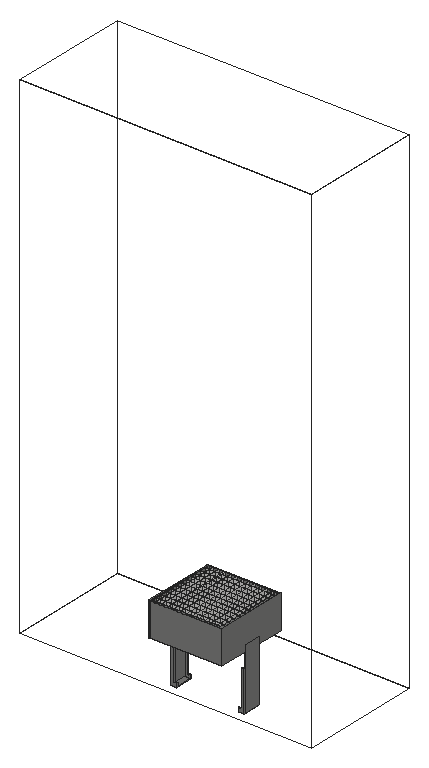
Revit family "Heater-Berko-Thermazone_Series", category Mechanical Equipment, host Face, Revit 2020 (continued)
Types in the file's own list only (75): name | Watts | Voltage | Total Heating Capacity | Phase | Model | Length | C_ Thermazone Series 4' | C_ Thermazone Series 2' | Description | Amps
  BR-STS-U48-3642V | 3642 W | 208 V | 12427.0 Btu/h | 1 | "BR-STS-U48-3642V" | 4' - 0" | Yes | Yes | "Infrared Heaters for Industrial/Commercial/Residential" | 18 A
  BR-STS-U48-4856V | 4856 W | 240 V | 16569.0 Btu/h | 1 | "BR-STS-U48-4856V" | 4' - 0" | Yes | Yes | "Infrared Heaters for Industrial/Commercial/Residential" | 20 A
  BR-STS-U48-4776N | 4776 W | 277 V | 16296.0 Btu/h | 1 | "BR-STS-U48-4776N" | 4' - 0" | Yes | Yes | "Infrared Heaters for Industrial/Commercial/Residential" | 17 A
  BR-STS-U48-4976I | 4976 W | 347 V | 16978.0 Btu/h | 1 | "BR-STS-U48-4976I" | 4' - 0" | Yes | Yes | "Infrared Heaters for Industrial/Commercial/Residential" | 14 A
  BR-STS-U48-4856T | 4856 W | 480 V | 16569.0 Btu/h | 1 | "BR-STS-U48-4856T" | 4' - 0" | Yes | Yes | "Infrared Heaters for Industrial/Commercial/Residential" | 10 A
  BR-STS-U48-4878Y | 4878 W | 600 V | 16644.0 Btu/h | 1 | "BR-STS-U48-4878Y" | 4' - 0" | Yes | Yes | "Infrared Heaters for Industrial/Commercial/Residential" | 8 A
  BR-STS-U48-4859V | 4859 W | 208 V | 16579.0 Btu/h | 1 | "BR-STS-U48-4859V" | 4' - 0" | Yes | Yes | "Infrared Heaters for Industrial/Commercial/Residential" | 23 A
  BR-STS-U48-6478V | 6478 W | 240 V | 22103.0 Btu/h | 1 | "BR-STS-U48-6478V" | 4' - 0" | Yes | Yes | "Infrared Heaters for Industrial/Commercial/Residential" | 27 A
  BR-STS-U48-6056N | 6056 W | 277 V | 20663.0 Btu/h | 1 | "BR-STS-U48-6056N" | 4' - 0" | Yes | Yes | "Infrared Heaters for Industrial/Commercial/Residential" | 22 A
  BR-STS-U48-6352I | 6352 W | 347 V | 21673.0 Btu/h | 1 | "BR-STS-U48-6352I" | 4' - 0" | Yes | Yes | "Infrared Heaters for Industrial/Commercial/Residential" | 18 A
  BR-STS-U48-6478T | 6478 W | 480 V | 22103.0 Btu/h | 1 | "BR-STS-U48-6478T" | 4' - 0" | Yes | Yes | "Infrared Heaters for Industrial/Commercial/Residential" | 14 A
  BR-STS-U48-6118Y | 6118 W | 600 V | 20875.0 Btu/h | 1 | "BR-STS-U48-6118Y" | 4' - 0" | Yes | Yes | "Infrared Heaters for Industrial/Commercial/Residential" | 10 A
  BR-STS-U48-2983P | 2983 W | 208 V | 10178.0 Btu/h | 3 | "BR-STS-U48-2983P" | 4' - 0" | Yes | Yes | "Infrared Heaters for Industrial/Commercial/Residential" | 8 A
  BR-STS-U48-3971P | 3971 W | 240 V | 13549.0 Btu/h | 3 | "BR-STS-U48-3971P" | 4' - 0" | Yes | Yes | "Infrared Heaters for Industrial/Commercial/Residential" | 10 A
  BR-STS-U48-3928U | 3928 W | 480 V | 13402.0 Btu/h | 3 | "BR-STS-U48-3928U" | 4' - 0" | Yes | Yes | "Infrared Heaters for Industrial/Commercial/Residential" | 5 A
  BR-STS-U48-3963Z | 3963 W | 600 V | 13522.0 Btu/h | 3 | "BR-STS-U48-3963Z" | 4' - 0" | Yes | Yes | "Infrared Heaters for Industrial/Commercial/Residential" | 4 A
  BR-STS-U48-3601P | 3601 W | 208 V | 12287.0 Btu/h | 3 | "BR-STS-U48-3601P" | 4' - 0" | Yes | Yes | "Infrared Heaters for Industrial/Commercial/Residential" | 10 A
  BR-STS-U48-4794P | 4794 W | 240 V | 16357.0 Btu/h | 3 | "BR-STS-U48-4794P" | 4' - 0" | Yes | Yes | "Infrared Heaters for Industrial/Commercial/Residential" | 12 A
  BR-STS-U48-4838U | 4838 W | 480 V | 16507.0 Btu/h | 3 | "BR-STS-U48-4838U" | 4' - 0" | Yes | Yes | "Infrared Heaters for Industrial/Commercial/Residential" | 6 A
  BR-STS-U48-4797Z | 4797 W | 600 V | 16369.0 Btu/h | 3 | "BR-STS-U48-4797Z" | 4' - 0" | Yes | Yes | "Infrared Heaters for Industrial/Commercial/Residential" | 5 A
  BR-STS-U48-4472P | 4472 W | 208 V | 15259.0 Btu/h | 3 | "BR-STS-U48-4472P" | 4' - 0" | Yes | Yes | "Infrared Heaters for Industrial/Commercial/Residential" | 12 A
  BR-STS-U48-5954P | 5954 W | 240 V | 20315.0 Btu/h | 3 | "BR-STS-U48-5954P" | 4' - 0" | Yes | Yes | "Infrared Heaters for Industrial/Commercial/Residential" | 14 A
  BR-STS-U48-6060U | 6060 W | 480 V | 20677.0 Btu/h | 3 | "BR-STS-U48-6060U" | 4' - 0" | Yes | Yes | "Infrared Heaters for Industrial/Commercial/Residential" | 7 A
  BR-STS-U48-5982Z | 5982 W | 600 V | 20411.0 Btu/h | 3 | "BR-STS-U48-5982Z" | 4' - 0" | Yes | Yes | "Infrared Heaters for Industrial/Commercial/Residential" | 6 A
